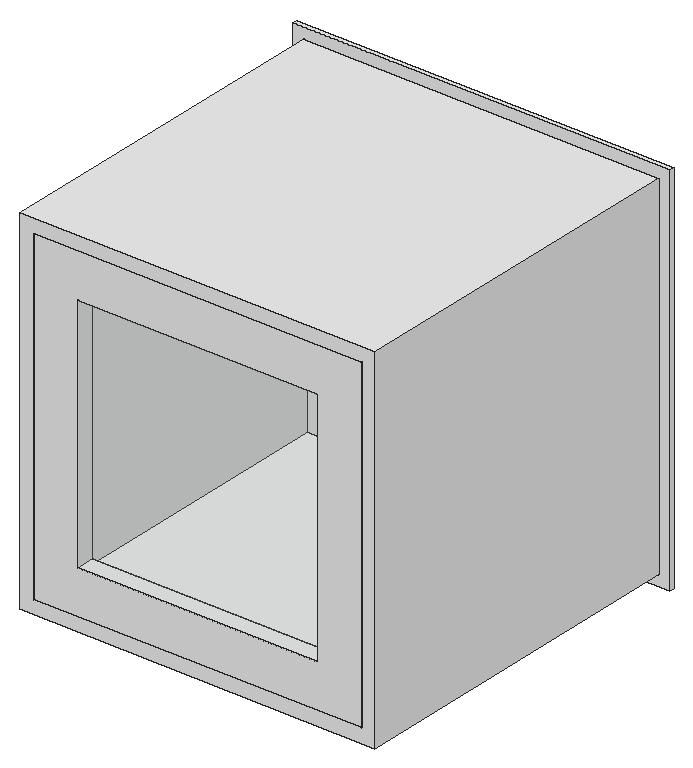
Revit family "Passador_Laboratorio", category Specialty Equipment, host Wall, Revit 2025
Family settings
  Host = Wall
  Round Connector Dimension = Use Diameter
  Part Type = Normal
  OmniClass Number = 23.30.20.00
  OmniClass Title = Windows
  Enable Cutting in Views = No
  Always vertical = Yes
  Cut with Voids When Loaded = Yes
  Maintain Annotation Orientation = No
  Shared = No
  Room Calculation Point = Yes
Parameters (values of type "Passador 80x80")
  Width [instance] = Largura do equipamento - 0.060 m  # 0.740 m
  VerSimetrico [instance] = yes
  Ver Invertido [instance] = yes
  Profundidade do equipamento [instance] = 0.800 m
  Peitoril [instance] = 1.500 m
  Nº = "225"
  Material do Vidro = Fiocruz_Vidros
  Largura moldura = 0.025 m
  Largura do equipamento [instance] = 0.800 m
  Largura da borda da porta [instance] = 0.100 m
  Wall Closure = Both
  Keynote = "17.01.120"  # constant formula
  Height [instance] = Altura do equipamento - 0.060 m  # 0.740 m
  Espessura da caixa [instance] = 0.030 m
  Description = "PASSTHROUGH EM PAINÉIS TERMOACÚSTICOS COM POLIURETANO EXPANDIDO, REVESTIMENTO EXTERNO EM AÇO INOXIDÁVEL AISI 304, ACABAMENTO INTERNO COM CHAPA DE AÇO INOXIDÁVEL AISI 316, COM CANTOS ARREDONDADOS. CAIXA CONSTRUÍDA EM UMA ÚNICA PEÇA SOLDADA. PORTAS COM 35mm DE ESPESSURA CONFECCIONADAS EM AÇO AISI 304, COM CANTOS SOLDADOS, VISOR EM VIDRO DUPLO TIPO CRISTAL TRANSPARENTE DE 4mm DE ESPESSURA, COM SISTEMA DE INTERTRAVAMENTO POR FECHADURA ELETROMAGNÉTICA COM COMANDO DE ABERTURA. VEDAÇÃO POR MEIO DE BORRACHA INFLÁVEL (INFLATABLE SEAL) CONTROLADA ELETRONICAMENTE. DOBRADIÇAS E PUXADORES EM AÇO INOX AISI 304. PRATELEIRA VAZADA (GRADE) EM AÇO INOX AISI 304."  # constant formula
  Type Comments = "LICITAÇÃO"
  Default Elevation = 0.000 m
  Altura do equipamento [instance] = 0.800 m
  Altura da moldura interior = 0.025 m
  Altura da moldura exterior = 0.010 m
  Acabamento do Alumínio = Fiocruz_Aluminio_Branco
  Abertura = ""
Reference planes (m)
  plane 1 "Center (Front/Back)": y = 0
  plane 2 "Center (Left/Right)": x = 0
  plane 3 "Esquerda": x = -0.4
  plane 4 "Direita": x = 0.4
  plane 5 "Topo": z = 2.3
  plane 6 "Exterior": y = 0.075
  plane 7 "Interior": y = -0.075
  plane 8 "Peitoril": z = 1.5
  plane 9: z = 0
  plane 10: z = 2.481491
  plane 11 "moldura exterior": y = 0.085
  plane 12 "Moldura": y = -0.1
  plane 13 "Produndade da caixa": y = -0.725
  plane 14: x = -0.425
  plane 15: x = 0.425
  plane 16: z = 2.325
  plane 17: z = 1.475
  plane 18: x = -0.37
  plane 19: x = 0.37
  plane 20: z = 1.53
  plane 21: z = 2.27
  plane 22: x = 0.27
  plane 23: x = -0.27
  plane 24: z = 2.17
  plane 25: z = 1.63
Forms (m)
  Extrusion 1, solid, material "Fiocruz_Aluminio_Branco" <- "Acabamento do Alumínio"
    sketch origin (0, 0.085, 0) x (-1, 0, 0) y (0, 0, 1)
      loop
        line (-0.425, 2.325) -> (-0.425, 1.475) -> (0.425, 1.475) -> (0.425, 2.325) -> (-0.425, 2.325)
      loop
        line (-0.4, 2.3) -> (-0.4, 1.5) -> (0.4, 1.5) -> (0.4, 2.3) -> (-0.4, 2.3)
    from -0.01 to 0
  Extrusion 2, solid, material "Fiocruz_Aluminio_Branco" <- "Acabamento do Alumínio"
    sketch origin (0, 0.085, 0) x (-1, 0, 0) y (0, 0, 1)
      loop
        line (0.4, 2.3) -> (-0.4, 2.3) -> (-0.4, 1.5) -> (0.4, 1.5) -> (0.4, 2.3)
      loop
        line (0.37, 2.27) -> (-0.37, 2.27) -> (-0.37, 1.53) -> (0.37, 1.53) -> (0.37, 2.27)
    from 0 to -0.81
  Extrusion 3, solid, material "Fiocruz_Aluminio_Branco" <- "Acabamento do Alumínio"
    sketch origin (0, 0.085, 0) x (-1, 0, 0) y (0, 0, 1)
      loop
        line (-0.37, 2.27) -> (-0.37, 1.53) -> (0.37, 1.53) -> (0.37, 2.27) -> (-0.37, 2.27)
      loop
        line (-0.27, 2.17) -> (-0.27, 1.63) -> (0.27, 1.63) -> (0.27, 2.17) -> (-0.27, 2.17)
    from 0 to -0.04
  Extrusion 4, solid, material "Fiocruz_Aluminio_Branco" <- "Acabamento do Alumínio"
    sketch origin (0, -0.725, 0) x (-1, 0, 0) y (0, 0, 1)
      loop
        line (0.37, 2.27) -> (-0.37, 2.27) -> (-0.37, 1.53) -> (0.37, 1.53) -> (0.37, 2.27)
      loop
        line (0.27, 2.17) -> (-0.27, 2.17) -> (-0.27, 1.63) -> (0.27, 1.63) -> (0.27, 2.17)
    from 0 to 0.04
  Extrusion 5, solid, material "Fiocruz_Vidros" <- "Material do Vidro"
    sketch origin (0, 0.085, 0) x (-1, 0, 0) y (0, 0, 1)
      loop
        line (-0.27, 2.17) -> (-0.27, 1.63) -> (0.27, 1.63) -> (0.27, 2.17) -> (-0.27, 2.17)
    from 0 to -0.04
  Extrusion 6, solid, material "Fiocruz_Vidros" <- "Material do Vidro"
    sketch origin (0, -0.725, 0) x (-1, 0, 0) y (0, 0, 1)
      loop
        line (0.27, 2.17) -> (-0.27, 2.17) -> (-0.27, 1.63) -> (0.27, 1.63) -> (0.27, 2.17)
    from 0 to 0.04
Lines and regions (m)
  Opening 1
    outline origin (-5, -0.075, 0) x (1, 0, 0) y (0, 0, 1)
      loop
        line (4.6, 2.3) -> (4.6, 1.5) -> (5.4, 1.5) -> (5.4, 2.3) -> (4.6, 2.3)
  Masking region 1, visible <- "Ver Invertido"
    outline origin (0, 0, 1.5) x (-1, 0, 0) y (0, -1, 0)
      loop
        line (-0.37, 0.725) -> (-0.35, 0.725) -> (-0.35, 1.465) -> (-0.37, 1.465) -> (-0.37, 0.725)
  Masking region 2
    outline origin (0, 0, 1.5) x (-1, 0, 0) y (0, -1, 0)
      loop
        line (0.4, 0.725) -> (-0.4, 0.725) -> (-0.4, -0.085) -> (0.4, -0.085) -> (0.4, 0.725)
  Masking region 3
    outline origin (0, 0, 1.5) x (-1, 0, 0) y (0, -1, 0)
      loop
        line (0.425, -0.075) -> (-0.425, -0.075) -> (-0.425, -0.085) -> (0.425, -0.085) -> (0.425, -0.075)
  Masking region 4
    outline origin (0, 0, 1.5) x (-1, 0, 0) y (0, -1, 0)
      loop
        line (0.37, -0.085) -> (0.35, -0.085) -> (0.35, -0.825) -> (0.37, -0.825) -> (0.37, -0.085)
  Masking region 5, visible <- "VerSimetrico"
    outline origin (0, 0, 1.5) x (0, -1, 0) y (1, 0, 0)
      loop
        line (0.725, -0.37) -> (1.465, -0.37) -> (1.465, -0.35) -> (0.725, -0.35) -> (0.725, -0.37)
  Masking region 6, visible <- "VerSimetrico"
    outline origin (0, 0, 1.5) x (0, -1, 0) y (1, 0, 0)
      loop
        line (0.725, -0.37) -> (1.465, -0.37) -> (1.465, -0.35) -> (0.725, -0.35) -> (0.725, -0.37)
  symbolic lines, visible <- "Ver Invertido"
    curve 1: arc (-0.37, -0.725, 1.5) -> (-0.160283, -1.24114, 1.5) -> (0.35, -1.46473, 1.5) r 0.74
  symbolic lines
    curve 2: arc (0.37, 0.085, 1.5) -> (0.160283, 0.60114, 1.5) -> (-0.35, 0.82473, 1.5) r 0.74
    curve 3: line (-0.37, 0.085, 1.5) -> (-0.37, -0.725, 1.5)
    curve 4: line (0.37, 0.085, 1.5) -> (0.37, -0.725, 1.5)
  symbolic lines, visible <- "VerSimetrico"
    curve 5: arc (0.37, -0.725, 1.5) -> (0.160283, -1.24114, 1.5) -> (-0.35, -1.46473, 1.5) r 0.74
Text (m)
  text "EXTERIOR" at (-1.963203, 1.332353, 0), in view "Ref. Level"
  text "INTERIOR" at (-1.981466, -0.818386, 0), in view "Ref. Level"
  text "Exterior" at (0, 0.923751, 2.943296), in view "Right"
  text "Exterior" at (0, 1.040484, 2.685409), in view "Left"
Dimensions and locks (m)
  equal spacing: plane 3 "Esquerda", plane 2 "Center (Left/Right)", plane 4 "Direita"
  "Largura do equipamento": plane 3 "Esquerda" to plane 4 "Direita"
  locked: plane 6 "Exterior" to host wall
  locked: plane 7 "Interior" to host wall
  "Peitoril": plane 9 to plane 8 "Peitoril"
  "Altura da moldura exterior": plane 6 "Exterior" to plane 11 "moldura exterior"
  "Altura da moldura interior": plane 12 "Moldura" to plane 7 "Interior"
  "Profundidade do equipamento": plane 13 "Produndade da caixa" to plane 6 "Exterior"
  "Largura moldura": plane 14 to plane 3 "Esquerda"
  "Largura moldura": plane 4 "Direita" to plane 15
  "Largura moldura": plane 5 "Topo" to plane 16
  "Largura moldura": plane 17 to plane 8 "Peitoril"
  "Espessura da caixa": plane 3 "Esquerda" to plane 18
  "Espessura da caixa": plane 19 to plane 4 "Direita"
  "Espessura da caixa": plane 5 "Topo" to plane 21
  "Espessura da caixa": plane 20 to plane 8 "Peitoril"
  "Altura do equipamento": plane 5 "Topo" to plane 8 "Peitoril"
  "Largura da borda da porta": plane 20 to plane 25
  "Largura da borda da porta": plane 24 to plane 21
  "Largura da borda da porta": plane 23 to plane 18
  "Largura da borda da porta": plane 19 to plane 22
  locked: Masking region 1 sketch curve to plane 19 at 0.02
  "Width": plane 13 "Produndade da caixa" to Masking region 1 sketch curve
  "Width": Masking region 4 sketch curve to plane 11 "moldura exterior"
  locked: plane 18 to Masking region 4 sketch curve at 0.02
  "Width": plane 13 "Produndade da caixa" to Masking region 6
  plane 23 to plane 22 = 0.540 m
  "Width": radius of curve 1
  "Width": radius of curve 2
  aligned and locked: plane 9 to level
  aligned and locked: plane 8 "Peitoril" to Opening 1 sketch curve
  aligned and locked: plane 4 "Direita" to Opening 1 sketch curve
  aligned and locked: plane 5 "Topo" to Opening 1 sketch curve
  aligned and locked: Opening 1 sketch curve to plane 3 "Esquerda"
  aligned and locked: Extrusion 1 sketch curve to plane 15
  aligned and locked: plane 14 to Extrusion 1 sketch curve
  aligned and locked: plane 17 to Extrusion 1 sketch curve
  aligned and locked: plane 5 "Topo" to Extrusion 1 sketch curve
  aligned and locked: Extrusion 1 sketch curve to plane 3 "Esquerda"
  aligned and locked: plane 4 "Direita" to Extrusion 1 sketch curve
  aligned and locked: plane 8 "Peitoril" to Extrusion 1 sketch curve
  aligned and locked: Extrusion 1 sketch curve to plane 16
  aligned and locked: plane 11 "moldura exterior" to Extrusion 1
  aligned and locked: Extrusion 1 to host wall
  aligned and locked: Extrusion 2 sketch curve to host wall  (x4)
  aligned and locked: plane 21 to Extrusion 2 sketch curve
  aligned and locked: Extrusion 2 sketch curve to plane 18
  aligned and locked: Extrusion 2 sketch curve to plane 20
  aligned and locked: Extrusion 2 sketch curve to plane 19
  aligned and locked: Extrusion 2 to plane 13 "Produndade da caixa"
  aligned and locked: Extrusion 3 sketch curve to plane 19
  aligned and locked: Extrusion 3 sketch curve to plane 21
  aligned and locked: plane 22 to Extrusion 3 sketch curve
  aligned and locked: plane 25 to Extrusion 3 sketch curve
  aligned and locked: Extrusion 3 sketch curve to plane 23
  aligned and locked: Extrusion 3 sketch curve to plane 18
  aligned and locked: Extrusion 3 sketch curve to plane 24
  aligned and locked: Extrusion 4 sketch curve to plane 24
  aligned and locked: Extrusion 4 sketch curve to plane 21
  aligned and locked: Extrusion 4 sketch curve to plane 23
  aligned and locked: plane 25 to Extrusion 4 sketch curve
  aligned and locked: Extrusion 4 sketch curve to plane 22
  aligned and locked: Extrusion 4 sketch curve to plane 19
  aligned and locked: plane 20 to Extrusion 4 sketch curve
  aligned and locked: plane 18 to Extrusion 4 sketch curve
  aligned and locked: Extrusion 5 sketch curve to Extrusion 3  (x4)
  aligned and locked: Extrusion 6 sketch curve to Extrusion 3  (x4)
  aligned and locked: Masking region 1 sketch curve to plane 19
  aligned and locked: plane 13 "Produndade da caixa" to Masking region 1 sketch curve
  aligned and locked: Masking region 2 sketch curve to Extrusion 2
  aligned and locked: Extrusion 2 to Masking region 2 sketch curve
  aligned and locked: Masking region 2 sketch curve to host wall
  aligned and locked: Masking region 1 to curve 1
  aligned and locked: Masking region 3 sketch curve to Extrusion 1  (x4)
  aligned and locked: Masking region 4 sketch curve to Extrusion 2  (x2)
  aligned and locked: Masking region 4 to curve 2
  aligned and locked: plane 11 "moldura exterior" to curve 2
  aligned and locked: plane 11 "moldura exterior" to Masking region 2 sketch curve
  aligned and locked: plane 13 "Produndade da caixa" to curve 3
  aligned and locked: plane 13 "Produndade da caixa" to curve 4
  aligned and locked: curve 5 to Masking region 5
  aligned and locked: Masking region 5 to Masking region 6
Automatic sketch dimensions
  Extrusion 3 sketch curve to plane 20 = 0.000 m
  Masking region 5 sketch curve to plane 13 "Produndade da caixa" = 0.000 m
  Masking region 5 sketch curve to plane 18 = 0.000 m
  plane 18 to Masking region 5 sketch curve = 0.020 m
  Masking region 5 sketch curve to plane 13 "Produndade da caixa" = 0.740 m
  Masking region 6 sketch curve to plane 13 "Produndade da caixa" = 0.000 m
  Masking region 6 sketch curve to plane 18 = 0.000 m
  plane 18 to Masking region 6 sketch curve = 0.020 m
  Masking region 6 sketch curve to plane 13 "Produndade da caixa" = 0.740 m
  curve 5 to plane 19 = 0.000 m
  curve 1 to plane 19 = 0.000 m
  curve 5 to plane 18 = 0.000 m
  curve 3 to plane 11 "moldura exterior" = 0.000 m
  plane 18 to curve 5 = 0.020 m
